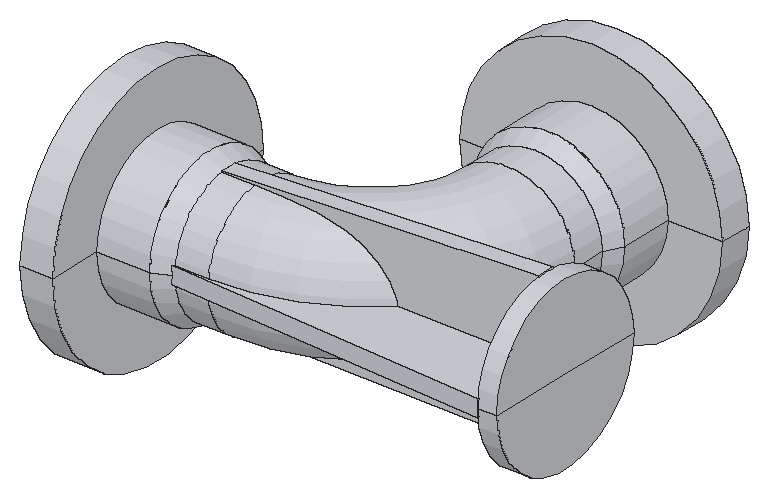
Revit family "6e162ac0f641431cbbd675f83498c0b7", category Pipe Fittings, Revit 2021
Family settings
  Round Connector Dimension = Use Radius
  Part Type = Elbow
  OmniClass Number = 23.60.30.11.14
  OmniClass Title = Pipework Fittings
  Seek Item ID = Elbow - Threaded - MI - Class 300-0000-USA-ENU
  Work Plane-Based = No
  Always vertical = Yes
  Cut with Voids When Loaded = No
  Shared = No
Parameters (values of type "Standard")
  Tick Size [instance] = Fitting Outside Diameter * 0.4  # 1.5840"
  Socket Outside Radius [instance] = Socket Outside Diameter / 2  # 2.2400"
  Socket Outside Diameter [instance] = size_lookup(Lookup Table Name, "SOD", 1.08 * Nominal Diameter + 1.1200", Nominal Diameter)  # 4.4800"
  Socket Depth [instance] = if(Nominal Diameter < 14.0000", 2.5000", if(Nominal Diameter < 30.0000", 3.5000", 4.0000"))  # 2.5000"
  Round Base Radius [instance] = Round Base Diameter / 2  # 2.5000"
  Round Base Diameter [instance] = size_lookup(Lookup Table Name, "RBD", 0.43 * Nominal Diameter + 4.7200", Nominal Diameter)  # 5.0000"
  Rib Thickness [instance] = size_lookup(Lookup Table Name, "RThk", 0.03 * Nominal Diameter + 0.4900", Nominal Diameter)  # 0.5000"
  Lookup Table Name = "Base Bend - MJ - DI - Class 350"
  Length 9 [instance] = if(Fitting Outside Radius > Round Base Radius, Round Base Radius, Fitting Outside Radius)  # 1.9800"
  Length 8 [instance] = if(Length 7 < 0.0000", Round Base Radius, Fitting Outside Radius + Length 7)  # 2.24264"
  Length 7 [instance] = tan(Angle 1) * (Center to Socket Bottom - Bevel Length)  # 0.26264"
  Length 6 [instance] = Center to Face + Center to Socket Bottom - Bevel Length  # 9.8600"
  Length 5 [instance] = Length 4 + Bevel Length + Socket Depth  # 4.0000"
  Length 4 [instance] = Center to Socket Bottom - Bevel Length - Length 1  # 0.9800"
  Length 3 [instance] = sin(Angle) * (Center to Socket Bottom + Socket Depth)  # 8.0000"
  Length 2 [instance] = cos(Angle) * (Center to Socket Bottom + Socket Depth)  # 0.0000"
  Length 1 [instance] = tan(Angle / 2) * Center Radius  # 4.0000"
  Length 11 [instance] = Center to Face + Length 1 - Length 10  # 6.94351"
  Length 10 [instance] = sqrt((Center Radius + (Center Radius - Rib Thickness)) * Rib Thickness)  # 1.93649"
  Gland Width [instance] = size_lookup(Lookup Table Name, "GWid", 0.03 * Nominal Diameter + 0.9400", Nominal Diameter)  # 0.9400"
  Gland Outside Radius [instance] = Gland Outside Diameter / 2  # 3.8450"
  Gland Outside Diameter [instance] = size_lookup(Lookup Table Name, "GOD", 1.16 * Nominal Diameter + 4.0300", Nominal Diameter)  # 7.6900"
  Fitting Outside Radius [instance] = Fitting Outside Diameter / 2  # 1.9800"
  Fitting Outside Diameter [instance] = size_lookup(Lookup Table Name, "FOD", 1.04 * Nominal Diameter + 0.7000", Nominal Diameter)  # 3.9600"
  Nominal Radius [instance] = 1.5000"
  Nominal Diameter [instance] = Nominal Radius * 2  # 3.0000"
  Loss Method = K Coefficient from Table
  K Coefficient Table = "Long Radius Elbow"
  Default Elevation = 0.0000"
  Center to Socket Bottom [instance] = size_lookup(Lookup Table Name, "CtSB", Center to Socket Bottom Not Found, Nominal Diameter, Angle)  # 5.5000"
  Center to Socket Bottom Not Found [instance] = tan(Angle / 2) * Center Radius + Bevel Length + 1.0000"  # 5.5200"
  Center to Face [instance] = size_lookup(Lookup Table Name, "CtF", 0.65 * Nominal Diameter + 3.1200", Nominal Diameter)  # 4.8800"
  Center Radius [instance] = size_lookup(Lookup Table Name, "CRad", 0.69 * Nominal Diameter + 1.8100", Nominal Diameter, Angle)  # 4.0000"
  Bevel Length [instance] = size_lookup(Lookup Table Name, "BvLgt", 0.04 * Nominal Diameter + 0.4300", Nominal Diameter)  # 0.5200"
  Base Thickness [instance] = size_lookup(Lookup Table Name, "BThk", 0.03 * Nominal Diameter + 0.4900", Nominal Diameter)  # 0.5600"
  Assembly Code = ""
  Angle 1 [instance] = atan((Round Base Radius - Fitting Outside Radius) / Length 6)  # 3.01889°
  Angle [instance] = 90.00°  # constant formula
Reference planes (in)
  plane 1 "Center (Front/Back)": y = 0
  plane 2: z = 0
  plane 3 "Center (Left/Right)": x = 0
  plane 4: x = -4
  plane 5: x = -4.98
  plane 6: y = 4
  plane 7: y = 1.584
  plane 8: y = -1.584
  plane 9: x = 0
  plane 10: y = 8
  plane 11: x = -8
  plane 12: x = -7.06
  plane 13: y = 3.845
  plane 14: y = 2.24
  plane 15: y = 1.98
  plane 16: x = -5.5
  plane 17: x = 4.32
  plane 18: x = 4.88
  plane 19: y = 0.25
  plane 20: y = -0.25
  plane 21: z = 0.25
  plane 22: z = -0.25
  plane 23: y = 2.5
  plane 24: z = 2.5
  plane 25: z = -2.5
  plane 26: z = 1.98
  plane 27: z = -1.98
  plane 28: y = -2.5
Forms (in)
  Sweep 1, solid, detail levels fine
    path in 3D
      loop
        arc (-4, 0, 0) -> (-1.17157, 1.17157, 0) -> (0, 4, 0) r 4
    profile origin (-1.17157, 1.17157, 0) x (-0.707107, 0.707107, 0) y (0, 0, 1)
      loop
        circle (0, 0) r 1.98
  Revolve 2, solid, detail levels fine
    sketch origin (0, 8, 0) x (0, -1, 0) y (1, 0, 0)
      loop
        line (0, 0) -> (0, -3.845) -> (0.94, -3.845) -> (0.94, -2.24) -> (2.5, -2.24) -> (3.02, -1.98) -> (4, -1.98) -> (4, 0) -> (0, 0)
      axis (0, 0) -> (4, 0)
    angle from 0 to 360
  Revolve 3, solid, detail levels fine
    sketch origin (0, 0, 0) x (1, 0, 0) y (0, 1, 0)
      loop
        line (-8, 0) -> (-4, 0) -> (-4, 1.98) -> (-4.98, 1.98) -> (-5.5, 2.24) -> (-7.06, 2.24) -> (-7.06, 3.845) -> (-8, 3.845) -> (-8, 0)
      loop
        line (4.32, 0) -> (4.88, 0) -> (4.88, 2.5) -> (4.32, 2.5) -> (4.32, 0)
      axis (-8, 0) -> (4.88, 0)
    angle from 0 to 360
  Extrusion 4, solid, detail levels fine
    sketch origin (0, 0, 0) x (1, 0, 0) y (0, 0, 1)
      loop
        line (4.32, 2.5) -> (-4.98, 1.98) -> (-4.98, -1.98) -> (4.32, -1.98) -> (4.32, 2.5)
    from -0.25 to 0.25
  Extrusion 5, solid, detail levels fine
    sketch origin (0, 0, 0) x (1, 0, 0) y (0, 1, 0)
      loop
        line (4.32, 2.5) -> (0, 2.24264) -> (0, 0) -> (-5.5, 0) -> (-5.5, -1.98) -> (4.32, -2.5) -> (4.32, 2.5)
    from -0.25 to 0.25
Cuts and joins
  joined: Extrusion 4, Extrusion 5
  joined: Sweep 1, Revolve 2, Revolve 3
Lines and regions (in)
  model lines, style "PipeFitting", detail levels coarse+medium
    curve 1: line (-8, 0, 0) -> (4.88, 0, 0)
    curve 2: arc (-4, 0, 0) -> (-1.17157, 1.17157, 0) -> (0, 4, 0) r 4
    curve 3: line (0, 4, 0) -> (0, 8, 0)
    curve 10: line (-2.06351, 0.5, 0) -> (4.88, 0.5, 0)
  sketch lines
    curve 4: arc (-4, 0, 0) -> (-1.17157, 1.17157, 0) -> (0, 4, 0) r 4
  model lines, detail levels coarse+medium
    curve 5: line (-8, 0, 0) -> (-8, 1.584, 0)
    curve 6: line (-8, 0, 0) -> (-8, -1.584, 0)
    curve 7: line (0, 8, 0) -> (-1.584, 8, 0)
    curve 8: line (0, 8, 0) -> (1.584, 8, 0)
  reference lines, not visible
    curve 9: line (0, 8, 0) -> (0, 0.68528, 0)
Dimensions and locks (in)
  "Center Radius": plane 6 to plane 1 "Center (Front/Back)"
  "Tick Size": plane 7 to plane 1 "Center (Front/Back)"
  "Tick Size": plane 8 to plane 1 "Center (Front/Back)"
  "Tick Size": curve 7 to curve 7
  "Tick Size": curve 8 to curve 8
  "Socket Outside Radius": Revolve 2 sketch curve to Revolve 2 sketch curve
  "Gland Width": Revolve 2 sketch curve to Revolve 2 sketch curve
  "Fitting Outside Radius": Revolve 2 sketch curve to Revolve 2 sketch curve
  "Gland Outside Radius": Revolve 2 sketch curve to Revolve 2 sketch curve
  "Socket Depth": Revolve 2 sketch curve to Revolve 2 sketch curve
  "Length 1": plane 4 to plane 3 "Center (Left/Right)"
  "Length 3": plane 10 to plane 1 "Center (Front/Back)"
  "Gland Width": plane 11 to plane 12
  "Fitting Outside Radius": plane 15 to plane 1 "Center (Front/Back)"
  "Socket Outside Radius": plane 14 to plane 1 "Center (Front/Back)"
  "Gland Outside Radius": plane 13 to plane 1 "Center (Front/Back)"
  "Bevel Length": plane 16 to plane 5
  "Socket Depth": plane 11 to plane 16
  "Center to Socket Bottom": plane 16 to plane 3 "Center (Left/Right)"
  "Length 2": plane 3 "Center (Left/Right)" to plane 9
  "Length 5": Revolve 2 sketch curve to Revolve 2 sketch curve
  equal spacing: plane 21, plane 2, plane 22
  "Rib Thickness": plane 21 to plane 22
  equal spacing: plane 20, plane 1 "Center (Front/Back)", plane 19
  "Rib Thickness": plane 20 to plane 19
  "Round Base Radius": plane 23 to plane 1 "Center (Front/Back)"
  "Center to Face": plane 3 "Center (Left/Right)" to plane 18
  "Base Thickness": plane 17 to plane 18
  "Fitting Outside Radius": plane 26 to plane 2
  "Fitting Outside Radius": plane 2 to plane 27
  "Round Base Radius": plane 24 to plane 2
  "Round Base Radius": plane 2 to plane 25
  "Round Base Radius": plane 28 to plane 1 "Center (Front/Back)"
  "Length 8": plane 1 "Center (Front/Back)" to Extrusion 5 sketch curve
  "Length 9": Extrusion 5 sketch curve to plane 1 "Center (Front/Back)"
  "Length 9": Extrusion 4 sketch curve to plane 2
  "Length 9": plane 2 to Extrusion 4 sketch curve
  "Rib Thickness": plane 1 "Center (Front/Back)" to curve 10
  "Length 11": curve 10 to curve 10
  "Length 4": Revolve 2 sketch curve to Revolve 2 sketch curve
  "Center Radius": radius of curve 2
  "Fitting Outside Radius": radius of Sweep 1 sketch curve
  "Angle": angle curve 2 to curve 2
  "Angle": angle plane 1 "Center (Front/Back)" to curve 3
  locked: curve 8 to curve 3 (angle 90.00°)
  locked: curve 3 to curve 7 (angle 90.00°)
  "Angle": angle plane 10 to curve 9
  aligned and locked: plane 4 to curve 2
  aligned and locked: plane 7 to curve 5
  aligned and locked: plane 1 "Center (Front/Back)" to curve 6
  aligned and locked: plane 8 to curve 6
  aligned and locked: plane 9 to curve 9
  aligned and locked: plane 10 to curve 9
  aligned and locked: Revolve 2 sketch curve to curve 9
  aligned and locked: curve 6 to plane 11
  aligned and locked: plane 13 to Revolve 3 sketch curve
  aligned and locked: plane 11 to Revolve 3 sketch curve
  aligned and locked: Revolve 3 sketch curve to plane 12
  aligned and locked: plane 14 to Revolve 3 sketch curve
  aligned and locked: Revolve 3 sketch curve to plane 4
  aligned and locked: plane 16 to Revolve 3 sketch curve
  aligned and locked: plane 5 to Revolve 3 sketch curve
  aligned and locked: Revolve 3 sketch curve to plane 15
  aligned and locked: Revolve 3 sketch curve to plane 1 "Center (Front/Back)"
  aligned and locked: plane 17 to Revolve 3 sketch curve
  aligned and locked: Revolve 3 sketch curve to plane 18
  aligned and locked: Revolve 3 sketch curve to plane 23
  aligned and locked: plane 19 to Extrusion 4
  aligned and locked: plane 20 to Extrusion 4
  aligned and locked: plane 17 to Extrusion 5 sketch curve
  aligned and locked: plane 28 to Extrusion 5 sketch curve
  aligned and locked: plane 23 to Extrusion 5 sketch curve
  aligned and locked: plane 1 "Center (Front/Back)" to Extrusion 5 sketch curve
  aligned and locked: plane 9 to Extrusion 5 sketch curve
  aligned and locked: Extrusion 5 sketch curve to plane 16
  aligned and locked: plane 22 to Extrusion 5
  aligned and locked: plane 21 to Extrusion 5
  aligned and locked: plane 24 to Extrusion 4 sketch curve
  aligned and locked: plane 18 to curve 1
  aligned and locked: plane 18 to curve 10
Automatic sketch dimensions
  Sweep 1 sketch curve to profile plane = 0.0000"  (x2)
  plane 1 "Center (Front/Back)" to Revolve 3 sketch curve = 0.0000"  (x2)
  Revolve 3 sketch curve to plane 4 = 0.0000"
  Revolve 3 sketch curve to Revolve 3 sketch curve = 0.7500"
  Extrusion 4 sketch curve to plane 5 = 0.0000"
  Extrusion 4 sketch curve to plane 17 = 0.0000"
  curve 8 to plane 10 = 0.0000"
  Revolve 2 sketch curve to curve 9 = 0.0000"  (x2)
  Revolve 2 sketch curve to Revolve 2 sketch curve = 1.0000"
  Revolve 2 sketch curve to Revolve 2 sketch curve = 0.78127"
Connectors (in)
  piping at (-8, 0, 0), diameter 3, driven by "Angle", driven by "Nominal Radius"
    settings: on Revolve 3, index 1, connector inside diameter 3.0000", connector length 0.0000", flow factor 0, pipe flow 0 GPM, pressure drop 0.00 psi, fitting loss kfactor 0, connector angle 90.00°, fixture units 0, engagement length 0.0000", angle of deflection 0.00°, flow configuration 0, flow direction 0, fitting loss method 0, system type 28, joint type 0, gender type 0, connector reference index 2, connector utility 0, adjustable connector no, is connector primary yes, connector description ""
  piping at (0, 8, 0), diameter 3, driven by "Angle", driven by "Nominal Radius"
    settings: on Revolve 2, index 2, connector inside diameter 3.0000", connector length 0.0000", flow factor 0, pipe flow 0 GPM, pressure drop 0.00 psi, fitting loss kfactor 0, connector angle 90.00°, fixture units 0, engagement length 0.0000", angle of deflection 0.00°, flow configuration 0, flow direction 0, fitting loss method 0, system type 28, joint type 0, gender type 0, connector reference index 1, connector utility 0, adjustable connector no, is connector primary no, connector description ""
